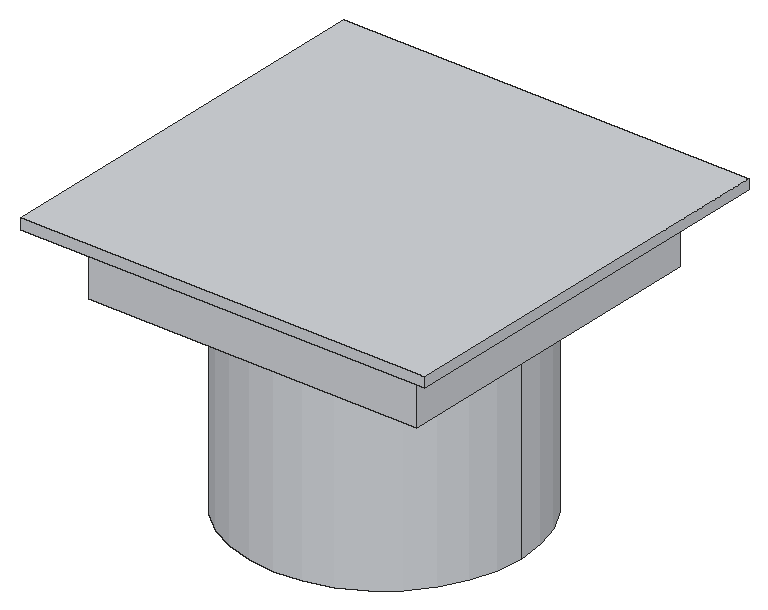
Revit family "351_712 37 39", category Plumbing Fixtures, Revit 2018
Family settings
  Round Connector Dimension = Use Diameter
  Part Type = Normal
  Work Plane-Based = No
  Always vertical = Yes
  Cut with Voids When Loaded = No
  Shared = No
  Room Calculation Point = No
Parameters (values of type "ACO Golvbrunn 270 x 270 DN 75 Horizontal CB 9.5")
  magiProductId = "712 37 39"
  magiProductFamilyId = "712 37 39"
  magiProductCode = "ACO Golvbrunn 270 x 270 DN 75 Horizontal CB 9.5"
  magiPartTypeId = 351
  dY2D [instance] = 0 mm
  dX2D [instance] = 0 mm
  ang2D [instance] = 0.00°
  Z2 = 169 mm
  YY = 160 mm
  YRefLineVPlnId = 7456  # constant formula
  XX = 160 mm
  XRefLineVPlnId = 7453  # constant formula
  WW = 130 mm
  VersionID = "2.0/2016.10.37.0/ACODRAIN_GOLVBRUNN1_001"
  RR = 109 mm
  QmdConnectorList = "601;DC"
  Productdata [instance] = "© Progman Oy, all rights reserved"
  Manufacturer = "ACO Drain"
  MC_Default_elevation = 0 mm
  LL = 130 mm
  HTT__ve = -HTT  # -157 mm
  HTT = 157 mm
  H5 = 52 mm
  H4__ve = -H4  # -8 mm
  H4_End__ve = -(H4 + H5)  # -60 mm
  H4 = 8 mm
  H2 = 60 mm
  Flow_Sewer [instance] = 4.9 L/s
  Description = "ACO COLLECT BOX 9:5 EN1.4404 GULLY 270X270 H75 VINYL"
  DIF_X [instance] = 200 mm
  DIF_Y [instance] = 125 mm
  DC = 75 mm
  CT2 = yes
  CT1 = no
  CL_Location_5000 = 5000 mm + CLBTZ  # 5000 mm
  CLBTZ = 0 mm
  CA_ [instance] = Grille_Rotation  # 0.00°
  CAT0 = yes
  Grille_Rotation [instance] = 0.00°
Reference planes
  plane 1 "Center (Front/Back)": y = 0
  plane 2 "XYPLANE": z = 0
  plane 3 "Center (Left/Right)": x = 0
  plane 4 "CA_PLANE": z = 0
  plane 5: z = -5000
  plane 6 "295": z = -8
  plane 7 "294": y = -130
  plane 8 "293": y = 130
  plane 9 "292": x = 0
  plane 10 "291": y = 0
  plane 11 "290": z = 0
  plane 12 "289": y = 160
  plane 13 "288": y = -160
  plane 14 "287": z = 0
  plane 15 "286": x = 160
  plane 16 "285": x = -160
  plane 17 "284": x = 130
  plane 18 "283": x = -130
  plane 19 "282": z = -169
  plane 20 "281": x = 109
  plane 21 "280": z = -60
  plane 22 "279": z = -217
Forms (mm)
  Extrusion 1, solid, visible <- "CAT0"
    sketch origin (-750, 0, -60) x (1, 0, 0) y (0, 1, 0)
      loop
        circle (750, 0) r 109
    from 0 to -157 <- "HTT__ve"
  Extrusion 2, solid, visible <- "CAT0"
    sketch origin (0, 0, 0) x (1, 0, 0) y (0, 1, 0)
      loop
        line (-160, 160) -> (-160, -160) -> (160, -160) -> (160, 160) -> (-160, 160)
    from 0 to -8 <- "H4__ve"
  Extrusion 3, solid, visible <- "CAT0"
    sketch origin (0, 0, 0) x (1, 0, 0) y (0, 1, 0)
      loop
        line (-130, 130) -> (-130, -130) -> (130, -130) -> (130, 130) -> (-130, 130)
    from -8 <- "H4__ve" to -60 <- "H4_End__ve"
  Extrusion 4, solid, not visible
    sketch origin (109, -750, 0) x (0, 1, 0) y (0, 0, 1)
      loop
        circle (750, -169) r 10
    from 0 to -10
Lines and regions (mm)
  reference lines, not visible
    curve 1: line (0, 0, 0) -> (200, 0, 0)
  reference lines
    curve 2: line (0, 0, 0) -> (0, 125, 0)
Text (mm)
  text "© Progman Oy, all rights reserved" at (-15.203, -48.466, 0), in view "Ref. Level"
Dimensions and locks
  "DIF_Y": curve 2 to curve 2
  "DIF_X": curve 1 to curve 1
  plane 2 "XYPLANE" to plane 5 = 5000 mm
  "CL_Location_5000": plane 4 "CA_PLANE" to plane 5
  "H4": plane 11 "290" to plane 6 "295"
  "WW": plane 10 "291" to plane 7 "294"
  "WW": plane 10 "291" to plane 8 "293"
  locked: plane 3 "Center (Left/Right)" to plane 9 "292"
  locked: plane 1 "Center (Front/Back)" to plane 10 "291"
  locked: plane 2 "XYPLANE" to plane 11 "290"
  "YY": plane 10 "291" to plane 12 "289"
  "YY": plane 10 "291" to plane 13 "288"
  locked: plane 11 "290" to plane 14 "287"
  "XX": plane 9 "292" to plane 15 "286"
  "XX": plane 9 "292" to plane 16 "285"
  "LL": plane 9 "292" to plane 17 "284"
  "LL": plane 9 "292" to plane 18 "283"
  "Z2": plane 2 "XYPLANE" to plane 19 "282"
  "RR": plane 3 "Center (Left/Right)" to plane 20 "281"
  "H2": plane 2 "XYPLANE" to plane 21 "280"
  "HTT": plane 21 "280" to plane 22 "279"
  "XX": curve 2 to Extrusion 2 sketch curve  (x4)
  "YY": curve 1 to Extrusion 2 sketch curve  (x4)
  "LL": curve 2 to Extrusion 3 sketch curve  (x4)
  "WW": curve 1 to Extrusion 3 sketch curve  (x4)
  "RR": radius of Extrusion 1 sketch curve
  "CA_": angle plane 1 "Center (Front/Back)" to curve 1
  aligned and locked: level to plane 2 "XYPLANE"
  aligned and locked: plane 3 "Center (Left/Right)" to curve 1
  aligned and locked: plane 1 "Center (Front/Back)" to curve 1
  aligned and locked: plane 3 "Center (Left/Right)" to curve 2
  aligned and locked: plane 9 "292" to Extrusion 1 sketch curve
  aligned and locked: plane 10 "291" to Extrusion 1 sketch curve
  aligned and locked: Extrusion 4 sketch curve to plane 10 "291"
  aligned and locked: plane 19 "282" to Extrusion 4 sketch curve
Automatic sketch dimensions
  plane 1 "Center (Front/Back)" to Extrusion 4 sketch curve = 10 mm
  curve 2 to curve 1 = 0 mm
Connectors
  piping at (109, 0, -169), diameter 75, driven by "Flow_Sewer", driven by "DC"
    settings: on Extrusion 4, index 1, connector inside diameter 609.6 mm, connector length 0 mm, flow factor 0, pipe flow 4.9 L/s, pressure drop 0.0 Pa, fitting loss kfactor 0, connector angle 0.00°, fixture units 0, engagement length 0 mm, angle of deflection 0.00°, flow configuration 1, flow direction 2, fitting loss method 0, system type 16, joint type 0, gender type 0, connector reference index -1, connector utility 0, adjustable connector yes, is connector primary yes, connector description ""
